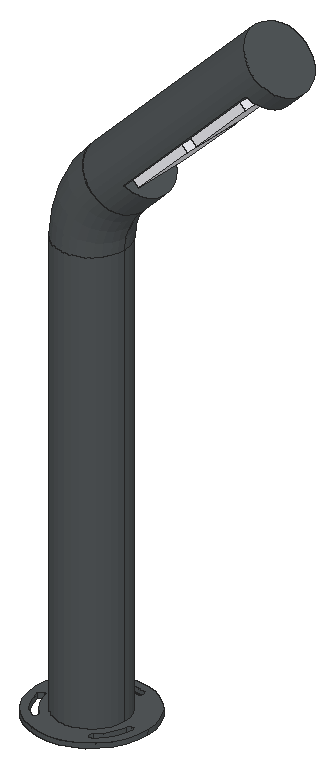
Revit family "Дио_мини", category Осветительные приборы, Revit 2019
Family settings
  Размер круглого соединителя = Использовать диаметр
  Тип детали = Нормальный
  На основе рабочей плоскости = Нет
  Всегда вертикально = Да
  При загрузке вырезать с полостями = Нет
  Источник света = Да
  Общий = Нет
  Точка расчета площади = Нет
Parameters (values of type "ДТУ932 Светодиодный светильник Дио мини ДТУ-93-AF-12Вт-0,9")
  built-in parameter 1150104 = 13.8 (stored number, unit not read)
  Цветоывая температура = size_lookup(Таблица выбора, "С", "", ADSK_Артикул, ADSK_Размер_Высота)  # "2700-5500"
  built-in parameter 1150134 = 3
  Файл фотометрической сетки = "DTU-93-AF Dio mini 12W.ies"
  Угол наклона = 90.00°
  Тип продукции = size_lookup(Таблица выбора, "T", " ", ADSK_Артикул, ADSK_Размер_Высота)  # "LED-светильник"
  Тип ПРА = "-"
  Тип КСС = size_lookup(Таблица выбора, "KSS", " ", ADSK_Артикул, ADSK_Размер_Высота)  # "тип ШБ (широкая боковая)"
  Тип ИС = size_lookup(Таблица выбора, "IS", " ", ADSK_Артикул, ADSK_Размер_Высота)  # "LED-модуль"
  Температура эксплуатации = size_lookup(Таблица выбора, "T1", " ", ADSK_Артикул, ADSK_Размер_Высота)  # "-40 +50"
  Таблица выбора = "Таблица параметров светильников_par2"
  built-in parameter 1150137 = (empty or 0)
  built-in parameter 1150132 = 2
  built-in parameter 1150114 = 1 (stored number, unit not read)
  Dimming Lamp Color Temperature Shift = (empty or 0)
  built-in parameter 1150105 = 474.3 (stored number, unit not read)
  Color Filter = 16777215
  Lumens = 1320 lm
  built-in parameter 1150109 = 1 (stored number, unit not read)
  built-in parameter 1150112 = 1 (stored number, unit not read)
  built-in parameter 1150110 = 1 (stored number, unit not read)
  built-in parameter 1150113 = 1 (stored number, unit not read)
  built-in parameter 1150115 = 1 (stored number, unit not read)
  built-in parameter 1114218 = 1 (stored number, unit not read)
  Понижение = 330 mm  # constant formula
  built-in parameter 1114217 = 1 (stored number, unit not read)
  Apparent Load = 0 VA
  built-in parameter 1150106 = 4.743 (stored number, unit not read)
  Область использования = "Парки, скверы, общественные пространства, городская инфраструктура"  # constant formula
  built-in parameter 1150142 = "IESNA:LM-63-1995\r\n[TEST]\t\talf\r\n[MANUFAC]\tALFRESCO\r\n[LUMCAT]\tDTU-93-AF\r\n[LUMINAIRE]\tDTU-93-AF Dio mini 12W\r\n[LAMP]\t\tSeoul Semiconductor LED \r\n[DATE]\t\tLDT Editor version 1.2.5.0 - DIAL GmbH (www.dial.de) on 13-05-2022\r\n[OTHER]\t\tEULUMDAT file: E:\\АРХИВ IES и 3d\\ландшафтные\\Дио\r\n мини\\8f038917d79e1229fbc3b9e2e49bd1f4\\DTU-93-AF Dio mini 12W.ldt\r\nTILT=NONE\r\n1 1320.0 1.320 361 72 1 2 0.10 0.10 0.00\r\n1.0 1 12.0\r\n0.0 0.5 1.0 1.5 2.0 2.5 3.0 3.5 4.0 4.5 5.0 5.5 6.0 6.5 7.0 7.5 8.0 8.5 9.0 9.5 10.0 10.5 11.0 11.5 12.0 12.5 13.0 13.5 14.0 14.5\r\n 15.0 15.5 16.0 16.5 17.0 17.5 18.0 18.5 19.0 19.5 20.0 20.5 21.0 21.5 22.0 22.5 23.0 23.5 24.0 24.5 25.0 25.5 26.0 26.5 27.0 27.5\r\n 28.0 28.5 29.0 29.5 30.0 30.5 31.0 31.5 32.0 32.5 33.0 33.5 34.0 34.5 35.0 35.5 36.0 36.5 37.0 37.5 38.0 38.5 39.0 39.5 40.0 40.5\r\n 41.0 41.5 42.0 42.5 43.0 43.5 44.0 44.5 45.0 45.5 46.0 46.5 47.0 47.5 48.0 48.5 49.0 49.5 50.0 50.5 51.0 51.5 52.0 52.5 53.0 53.5\r\n 54.0 54.5 55.0 55.5 56.0 56.5 57.0 57.5 58.0 58.5 59.0 59.5 60.0 60.5 61.0 61.5 62.0 62.5 63.0 63.5 64.0 64.5 65.0 65.5 66.0 66.5\r\n 67.0 67.5 68.0 68.5 69.0 69.5 70.0 70.5 71.0 71.5 72.0 72.5 73.0 73.5 74.0 74.5 75.0 75.5 76.0 76.5 77.0 77.5 78.0 78.5 79.0 79.5\r\n 80.0 80.5 81.0 81.5 82.0 82.5 83.0 83.5 84.0 84.5 85.0 85.5 86.0 86.5 87.0 87.5 88.0 88.5 89.0 89.5 90.0 90.5 91.0 91.5 92.0 92.5\r\n 93.0 93.5 94.0 94.5 95.0 95.5 96.0 96.5 97.0 97.5 98.0 98.5 99.0 99.5 100.0 100.5 101.0 101.5 102.0 102.5 103.0 103.5 104.0 104.5\r\n 105.0 105.5 106.0 106.5 107.0 107.5 108.0 108.5 109.0 109.5 110.0 110.5 111.0 111.5 112.0 112.5 113.0 113.5 114.0 114.5 115.0\r\n 115.5 116.0 116.5 117.0 117.5 118.0 118.5 119.0 119.5 120.0 120.5 121.0 121.5 122.0 122.5 123.0 123.5 124.0 124.5 125.0 125.5\r\n 126.0 126.5 127.0 127.5 128.0 128.5 129.0 129.5 130.0 130.5 131.0 131.5 132.0 132.5 133.0 133.5 134.0 134.5 135.0 135.5 136.0\r\n 136.5 137.0 137.5 138.0 138.5 139.0 139.5 140.0 140.5 141.0 141.5 142.0 142.5 143.0 143.5 144.0 144.5 145.0 145.5 146.0 146.5\r\n 147.0 147.5 148.0 148.5 149.0 149.5 150.0 150.5 151.0 151.5 152.0 152.5 153.0 153.5 154.0 154.5 155.0 155.5 156.0 156.5 157.0\r\n 157.5 158.0 158.5 159.0 159.5 160.0 160.5 161.0 161.5 162.0 162.5 163.0 163.5 164.0 164.5 165.0 165.5 166.0 166.5 167.0 167.5\r\n 168.0 168.5 169.0 169.5 170.0 170.5 171.0 171.5 172.0 172.5 173.0 173.5 174.0 174.5 175.0 175.5 176.0 176.5 177.0 177.5 178.0\r\n 178.5 179.0 179.5 180.0\r\n0.0 5.0 10.0 15.0 20.0 25.0 30.0 35.0 40.0 45.0 50.0 55.0 60.0 65.0 70.0 75.0 80.0 85.0 90.0 95.0 100.0 105.0 110.0 115.0 120.0\r\n 125.0 130.0 135.0 140.0 145.0 150.0 155.0 160.0 165.0 170.0 175.0 180.0 185.0 190.0 195.0 200.0 205.0 210.0 215.0 220.0 225.0\r\n 230.0 235.0 240.0 245.0 250.0 255.0 260.0 265.0 270.0 275.0 280.0 285.0 290.0 295.0 300.0 305.0 310.0 315.0 320.0 325.0 330.0\r\n 335.0 340.0 345.0 350.0 355.0 360.0\r\n258.3 258.2 258.0 258.0 258.0 257.9 257.8 257.7 257.5 257.2 257.1 256.8 256.6 256.1 255.9 255.6 255.3 255.0 254.7 254.4 254.2\r\n 254.0 253.7 253.4 253.2 253.0 252.8 252.6 252.4 252.3 252.3 252.2 252.2 252.1 252.0 252.1 252.2 252.3 252.5 252.6 252.8 253.0\r\n 253.4 253.7 254.1 254.5 254.8 255.2 255.6 256.1 256.7 257.2 257.8 258.4 258.9 259.4 260.0 260.6 261.3 261.9 262.6 263.2 263.7\r\n 264.5 265.1 265.9 266.6 267.5 268.2 269.0 269.9 270.5 271.3 272.5 273.6 274.7 276.0 277.0 278.4 279.7 281.0 282.2 283.9 285.6\r\n 287.9 290.4 293.6 296.4 298.3 299.9 301.2 302.6 304.2 305.4 306.6 307.8 309.5 311.4 313.5 315.9 318.3 320.8 323.3 325.8 328.5\r\n 331.1 333.3 335.3 336.9 337.9 338.8 339.3 339.5 339.4 339.2 339.0 338.6 338.3 338.1 338.0 338.0 337.8 337.3 336.5 334.9 333.3\r\n 332.1 331.1 328.9 326.7 323.9 320.0 314.8 309.1 304.2 299.6 295.0 289.7 283.3 275.7 267.6 258.7 250.3 240.8 229.4 216.5 205.4\r\n 197.9 190.6 180.1 166.6 150.7 132.9 115.6 100.1 84.6 69.1 52.8 39.8 30.7 24.2 19.8 16.3 14.1 12.8 12.0 11.1 10.3 9.6 9.0 8.3 7.6\r\n 7.1 6.8 6.6 6.3 5.8 5.4 4.9 4.7 4.5 4.4 4.2 4.0 3.8 3.7 3.4 3.1 3.0 2.9 2.9 2.9 2.9 3.0 3.0 3.0 3.0 3.0 3.0 3.0 3.0 0.0 0.0 0.0\r\n 0.0 0.0 0.0 0.0 0.0 0.0 0.0 0.0 0.0 0.0 0.0 0.0 0.0 0.0 0.0 0.0 0.0 0.0 0.0 0.0 0.0 0.0 0.0 0.0 0.0 0.0 0.0 0.0 0.0 0.0 0.0 0.0\r\n 0.0 0.0 0.0 0.0 0.0 0.0 0.0 0.0 0.0 0.0 0.0 0.0 0.0 0.0 0.0 0.0 0.0 0.0 0.0 0.0 0.0 0.0 0.0 0.0 0.0 0.0 0.0 0.0 0.0 0.0 0.0 0.0\r\n 0.0 0.0 0.0 0.0 0.0 0.0 0.0 0.0 0.0 0.0 0.0 0.0 0.0 0.0 0.0 0.0 0.0 0.0 0.0 0.0 0.0 0.0 0.0 0.0 0.0 0.0 0.0 0.0 0.0 0.0 0.0 0.0\r\n 0.0 0.0 0.0 0.0 0.0 0.0 0.0 0.0 0.0 0.0 0.0 0.0 0.0 0.0 0.0 0.0 0.0 0.0 0.0 0.0 0.0 0.0 0.0 0.0 0.0 0.0 0.0 0.0 0.0 0.0 0.0 0.0\r\n 0.0 0.0 0.0 0.0 0.0 0.0 0.0 0.0 0.0 0.0 0.0 0.0 0.0 0.0 0.0 0.0 0.0 0.0 0.0 0.0 0.0 0.0 0.0 0.0 0.0 0.0 0.0 0.0 0.0\r\n258.3 258.4 258.4 258.6 258.7 258.7 259.0 259.0 259.0 258.9 258.9 258.7 258.7 258.6 258.5 258.4 258.2 258.1 257.9 257.9 257.8\r\n 257.8 257.8 257.6 257.5 257.5 257.5 257.6 257.8 257.8 257.9 257.9 258.1 258.2 258.4 258.6 259.1 259.4 259.7 260.0 260.3 260.8\r\n 261.2 261.8 262.4 263.0 263.5 264.1 264.8 265.5 266.2 267.0 268.0 268.8 269.6 270.5 271.3 272.1 273.0 273.9 274.7 275.7 276.5\r\n 277.3 278.3 279.3 280.3 281.5 282.6 283.9 285.0 286.1 287.4 288.7 290.2 291.8 293.3 294.8 296.2 297.8 299.4 301.2 303.3 305.5\r\n 308.3 311.5 315.2 318.6 321.4 323.7 325.9 328.0 329.9 331.8 333.6 335.6 337.9 340.2 342.7 345.4 348.2 351.1 354.0 356.9 360.0\r\n 363.0 365.4 367.5 369.2 370.3 371.1 371.5 371.7 371.9 372.5 373.1 373.9 374.9 375.7 376.0 375.6 374.8 373.4 371.5 369.4 367.1\r\n 365.5 364.2 362.1 359.3 355.7 350.7 344.4 337.4 331.9 328.0 323.5 317.7 311.2 304.0 295.5 286.3 277.6 267.7 255.1 241.9 230.8\r\n 220.9 209.0 196.1 182.1 165.1 145.9 126.9 109.8 93.6 77.0 61.3 48.0 37.7 29.7 23.6 19.4 16.7 15.0 13.7 12.6 11.6 10.7 10.0 9.1\r\n 8.2 7.5 7.1 6.9 6.7 6.3 5.8 5.3 5.0 4.7 4.5 4.2 3.9 3.7 3.5 3.3 3.1 2.9 2.9 2.9 2.9 2.9 2.9 2.9 2.9 2.9 2.8 2.8 2.8 2.2 0.4 0.0\r\n 0.0 0.0 0.0 0.0 0.0 0.0 0.0 0.0 0.0 0.0 0.0 0.0 0.0 0.0 0.0 0.0 0.0 0.0 0.0 0.0 0.0 0.0 0.0 0.0 0.0 0.0 0.0 0.0 0.0 0.0 0.0 0.0\r\n 0.0 0.0 0.0 0.0 0.0 0.0 0.0 0.0 0.0 0.0 0.0 0.0 0.0 0.0 0.0 0.0 0.0 0.0 0.0 0.0 0.0 0.0 0.0 0.0 0.0 0.0 0.0 0.0 0.0 0.0 0.0 0.0\r\n 0.0 0.0 0.0 0.0 0.0 0.0 0.0 0.0 0.0 0.0 0.0 0.0 0.0 0.0 0.0 0.0 0.0 0.0 0.0 0.0 0.0 0.0 0.0 0.0 0.0 0.0 0.0 0.0 0.0 0.0 0.0 0.0\r\n 0.0 0.0 0.0 0.0 0.0 0.0 0.0 0.0 0.0 0.0 0.0 0.0 0.0 0.0 0.0 0.0 0.0 0.0 0.0 0.0 0.0 0.0 0.0 0.0 0.0 0.0 0.0 0.0 0.0 0.0 0.0 0.0\r\n 0.0 0.0 0.0 0.0 0.0 0.0 0.0 0.0 0.0 0.0 0.0 0.0 0.0 0.0 0.0 0.0 0.0 0.0 0.0 0.0 0.0 0.0 0.0 0.0 0.0 0.0 0.0 0.0 0.0 0.0\r\n258.3 258.7 259.0 259.2 259.5 259.6 260.0 260.2 260.4 260.6 260.7 260.8 261.0 261.1 261.3 261.3 261.4 261.4 261.6 261.8 262.0\r\n 262.2 262.4 262.6 262.8 263.0 263.2 263.4 263.6 264.0 264.5 264.9 265.2 265.6 266.0 266.5 267.0 267.6 268.1 268.6 269.2 269.9\r\n 270.5 271.2 271.9 272.8 273.7 274.6 275.5 276.3 277.3 278.4 279.3 280.3 281.4 282.3 283.3 284.2 285.0 286.0 287.1 288.0 289.0\r\n 289.9 291.0 292.2 293.3 294.7 296.2 297.7 299.0 300.5 302.1 303.8 305.2 307.0 308.8 310.6 312.5 314.7 317.0 319.5 322.4 325.7\r\n 329.2 333.5 338.3 342.4 345.8 348.8 351.6 354.2 356.5 358.6 360.7 362.6 364.8 367.2 370.0 373.0 376.0 379.4 382.5 385.9 389.3\r\n 392.4 395.1 397.4 399.5 401.3 402.8 404.3 405.7 407.3 409.0 410.5 411.6 411.8 411.4 410.0 407.8 405.5 403.0 400.5 398.1 395.4\r\n 392.6 390.1 387.5 384.0 379.5 373.7 367.1 359.8 353.2 347.7 342.2 335.9 328.9 321.2 312.8 303.8 294.0 283.6 270.9 256.7 244.2\r\n 233.1 221.6 208.9 194.1 175.5 155.5 135.2 115.8 98.7 82.4 66.6 53.3 42.5 34.3 28.0 23.4 20.5 18.5 17.0 15.4 14.0 12.8 11.7 10.5\r\n 9.3 8.4 7.8 7.4 7.1 6.6 6.0 5.6 5.1 4.8 4.4 4.0 3.7 3.5 3.5 3.2 3.0 2.8 2.8 2.8 2.8 2.8 2.8 2.8 2.8 2.8 2.8 2.7 2.7 2.3 0.2 0.0\r\n 0.0 0.0 0.0 0.0 0.0 0.0 0.0 0.0 0.0 0.0 0.0 0.0 0.0 0.0 0.0 0.0 0.0 0.0 0.0 0.0 0.0 0.0 0.0 0.0 0.0 0.0 0.0 0.0 0.0 0.0 0.0 0.0\r\n 0.0 0.0 0.0 0.0 0.0 0.0 0.0 0.0 0.0 0.0 0.0 0.0 0.0 0.0 0.0 0.0 0.0 0.0 0.0 0.0 0.0 0.0 0.0 0.0 0.0 0.0 0.0 0.0 0.0 0.0 0.0 0.0\r\n 0.0 0.0 0.0 0.0 0.0 0.0 0.0 0.0 0.0 0.0 0.0 0.0 0.0 0.0 0.0 0.0 0.0 0.0 0.0 0.0 0.0 0.0 0.0 0.0 0.0 0.0 0.0 0.0 0.0 0.0 0.0 0.0\r\n 0.0 0.0 0.0 0.0 0.0 0.0 0.0 0.0 0.0 0.0 0.0 0.0 0.0 0.0 0.0 0.0 0.0 0.0 0.0 0.0 0.0 0.0 0.0 0.0 0.0 0.0 0.0 0.0 0.0 0.0 0.0 0.0\r\n 0.0 0.0 0.0 0.0 0.0 0.0 0.0 0.0 0.0 0.0 0.0 0.0 0.0 0.0 0.0 0.0 0.0 0.0 0.0 0.0 0.0 0.0 0.0 0.0 0.0 0.0 0.0 0.0 0.0 0.0\r\n258.3 259.0 259.4 259.8 260.2 260.6 261.1 261.6 262.1 262.5 262.8 263.2 263.6 264.0 264.4 264.8 265.2 265.6 265.9 266.3 266.7\r\n 267.4 267.8 268.2 268.8 269.3 269.8 270.2 270.9 271.5 272.0 272.9 273.6 274.2 274.9 275.9 276.7 277.4 278.1 279.1 280.0 280.9\r\n 281.8 282.7 283.9 285.0 286.3 287.4 288.6 289.9 291.1 292.5 293.7 295.1 296.1 297.5 298.6 299.6 300.9 302.1 303.4 304.6 306.0\r\n 307.2 308.5 309.8 311.3 312.9 314.6 316.2 318.0 319.8 321.4 323.1 324.9 326.8 329.0 331.5 334.1 336.8 339.7 342.7 346.3 350.2\r\n 354.1 358.6 363.6 368.5 372.6 375.8 378.7 381.2 383.7 386.1 388.6 391.0 393.4 395.9 398.8 402.1 405.5 408.7 412.0 415.6 419.0\r\n 422.0 424.5 426.9 429.4 431.8 434.1 436.0 437.6 438.7 439.1 439.0 437.9 435.9 433.4 430.7 427.5 424.0 420.3 417.0 413.7 409.6\r\n 406.2 402.7 399.2 395.1 390.3 384.5 378.5 371.7 363.7 355.9 348.7 341.7 334.2 326.6 318.8 310.2 300.0 287.9 274.5 259.6 244.3\r\n 230.1 217.4 205.1 192.8 179.6 163.6 145.9 128.5 111.5 95.0 79.5 65.4 53.5 43.2 35.4 29.6 25.8 22.9 20.6 18.5 16.6 15.0 13.5 12.0\r\n 10.7 9.7 8.9 8.3 7.6 7.0 6.4 6.0 5.5 4.9 4.4 4.1 3.7 3.5 3.4 3.1 3.0 2.8 2.8 2.8 2.8 2.8 2.8 2.7 2.7 2.6 2.5 2.5 2.5 2.2 0.3 0.0\r\n 0.0 0.0 0.0 0.0 0.0 0.0 0.0 0.0 0.0 0.0 0.0 0.0 0.0 0.0 0.0 0.0 0.0 0.0 0.0 0.0 0.0 0.0 0.0 0.0 0.0 0.0 0.0 0.0 0.0 0.0 0.0 0.0\r\n 0.0 0.0 0.0 0.0 0.0 0.0 0.0 0.0 0.0 0.0 0.0 0.0 0.0 0.0 0.0 0.0 0.0 0.0 0.0 0.0 0.0 0.0 0.0 0.0 0.0 0.0 0.0 0.0 0.0 0.0 0.0 0.0\r\n 0.0 0.0 0.0 0.0 0.0 0.0 0.0 0.0 0.0 0.0 0.0 0.0 0.0 0.0 0.0 0.0 0.0 0.0 0.0 0.0 0.0 0.0 0.0 0.0 0.0 0.0 0.0 0.0 0.0 0.0 0.0 0.0\r\n 0.0 0.0 0.0 0.0 0.0 0.0 0.0 0.0 0.0 0.0 0.0 0.0 0.0 0.0 0.0 0.0 0.0 0.0 0.0 0.0 0.0 0.0 0.0 0.0 0.0 0.0 0.0 0.0 0.0 0.0 0.0 0.0\r\n 0.0 0.0 0.0 0.0 0.0 0.0 0.0 0.0 0.0 0.0 0.0 0.0 0.0 0.0 0.0 0.0 0.0 0.0 0.0 0.0 0.0 0.0 0.0 0.0 0.0 0.0 0.0 0.0 0.0 0.0\r\n258.3 259.3 259.8 260.3 261.0 261.6 262.4 263.1 263.8 264.5 265.1 265.8 266.4 267.1 267.8 268.5 269.3 270.1 270.8 271.6 272.3\r\n 273.2 274.1 274.8 275.9 276.7 277.5 278.6 279.4 280.4 281.6 282.6 283.8 284.8 285.8 287.0 288.0 289.0 290.3 291.4 292.6 293.8\r\n 295.0 296.2 297.5 298.9 300.3 301.8 303.5 305.1 306.7 308.3 309.8 311.4 312.9 314.4 315.8 317.5 318.7 320.2 321.5 323.2 324.5\r\n 326.1 327.7 329.2 330.9 332.6 334.6 336.4 338.3 340.1 342.0 344.2 346.9 349.5 352.3 355.2 358.3 361.3 364.5 367.5 371.0 374.8\r\n 379.0 383.9 389.1 394.5 398.6 402.0 404.5 406.9 409.1 411.3 413.8 416.2 418.4 420.9 423.5 426.3 429.4 432.4 435.4 438.8 442.4\r\n 446.0 449.3 452.4 455.9 459.5 462.4 463.5 462.7 460.7 457.6 453.6 449.3 444.7 440.2 436.0 432.3 428.2 424.1 419.8 415.4 410.4\r\n 405.4 400.6 396.1 391.4 386.5 381.2 375.5 369.4 362.1 354.1 345.6 337.0 329.1 320.6 312.2 303.9 295.1 285.3 272.8 259.0 244.8\r\n 231.2 217.9 204.9 193.3 181.9 168.2 153.2 136.5 121.2 106.0 91.3 76.7 63.6 52.2 42.7 35.5 30.1 26.3 23.3 20.6 18.4 16.7 15.0 13.5\r\n 12.0 10.8 9.8 8.9 8.1 7.3 6.7 5.9 5.4 4.8 4.3 3.8 3.6 3.4 3.2 3.0 2.8 2.7 2.7 2.7 2.7 2.6 2.6 2.5 2.5 2.4 2.4 2.4 2.3 2.0 0.1 0.0\r\n 0.0 0.0 0.0 0.0 0.0 0.0 0.0 0.0 0.0 0.0 0.0 0.0 0.0 0.0 0.0 0.0 0.0 0.0 0.0 0.0 0.0 0.0 0.0 0.0 0.0 0.0 0.0 0.0 0.0 0.0 0.0 0.0\r\n 0.0 0.0 0.0 0.0 0.0 0.0 0.0 0.0 0.0 0.0 0.0 0.0 0.0 0.0 0.0 0.0 0.0 0.0 0.0 0.0 0.0 0.0 0.0 0.0 0.0 0.0 0.0 0.0 0.0 0.0 0.0 0.0\r\n 0.0 0.0 0.0 0.0 0.0 0.0 0.0 0.0 0.0 0.0 0.0 0.0 0.0 0.0 0.0 0.0 0.0 0.0 0.0 0.0 0.0 0.0 0.0 0.0 0.0 0.0 0.0 0.0 0.0 0.0 0.0 0.0\r\n 0.0 0.0 0.0 0.0 0.0 0.0 0.0 0.0 0.0 0.0 0.0 0.0 0.0 0.0 0.0 0.0 0.0 0.0 0.0 0.0 0.0 0.0 0.0 0.0 0.0 0.0 0.0 0.0 0.0 0.0 0.0 0.0\r\n 0.0 0.0 0.0 0.0 0.0 0.0 0.0 0.0 0.0 0.0 0.0 0.0 0.0 0.0 0.0 0.0 0.0 0.0 0.0 0.0 0.0 0.0 0.0 0.0 0.0 0.0 0.0 0.0 0.0 0.0\r\n258.3 259.6 260.2 261.0 261.8 262.7 263.6 264.6 265.6 266.5 267.5 268.4 269.4 270.5 271.4 272.6 273.7 274.8 276.1 277.2 278.5\r\n 279.7 281.1 282.4 283.8 285.1 286.4 287.7 289.0 290.2 291.5 293.0 294.3 295.8 297.3 298.6 300.0 301.6 303.1 304.6 306.1 307.4\r\n 308.8 310.2 311.5 312.9 314.3 315.9 317.6 319.3 320.9 322.5 324.0 325.8 327.5 329.0 330.6 332.1 333.6 335.1 336.7 338.4 339.7\r\n 341.3 342.8 344.6 346.2 348.2 350.1 352.0 354.2 356.7 359.4 362.2 365.0 367.8 370.5 373.5 376.6 379.8 382.9 386.2 389.8 393.8\r\n 397.9 402.5 407.8 413.0 417.5 420.9 423.4 425.7 428.2 430.8 433.6 436.5 439.1 441.7 444.2 446.8 450.0 453.4 456.5 459.7 463.0\r\n 466.6 470.0 472.6 474.3 474.3 473.0 470.3 467.0 463.8 461.0 457.8 453.9 449.3 444.4 439.1 433.6 428.1 422.9 418.5 414.1 409.2\r\n 403.5 397.4 391.3 384.7 378.3 372.4 367.1 361.5 355.8 348.8 340.8 332.4 322.8 313.0 302.9 292.5 281.6 270.2 259.8 250.6 241.0\r\n 229.6 217.3 203.8 190.6 177.0 163.9 149.8 136.2 122.1 108.8 95.6 83.4 72.4 61.5 51.6 42.9 36.5 31.6 27.8 24.5 21.7 19.4 17.3 15.3\r\n 13.7 12.4 11.1 10.1 9.4 8.6 7.6 6.7 5.8 4.9 4.3 4.0 3.7 3.6 3.3 3.0 2.8 2.6 2.5 2.5 2.5 2.5 2.4 2.3 2.3 2.2 2.2 2.2 2.1 1.9 0.2\r\n 0.0 0.0 0.0 0.0 0.0 0.0 0.0 0.0 0.0 0.0 0.0 0.0 0.0 0.0 0.0 0.0 0.0 0.0 0.0 0.0 0.0 0.0 0.0 0.0 0.0 0.0 0.0 0.0 0.0 0.0 0.0 0.0\r\n 0.0 0.0 0.0 0.0 0.0 0.0 0.0 0.0 0.0 0.0 0.0 0.0 0.0 0.0 0.0 0.0 0.0 0.0 0.0 0.0 0.0 0.0 0.0 0.0 0.0 0.0 0.0 0.0 0.0 0.0 0.0 0.0\r\n 0.0 0.0 0.0 0.0 0.0 0.0 0.0 0.0 0.0 0.0 0.0 0.0 0.0 0.0 0.0 0.0 0.0 0.0 0.0 0.0 0.0 0.0 0.0 0.0 0.0 0.0 0.0 0.0 0.0 0.0 0.0 0.0\r\n 0.0 0.0 0.0 0.0 0.0 0.0 0.0 0.0 0.0 0.0 0.0 0.0 0.0 0.0 0.0 0.0 0.0 0.0 0.0 0.0 0.0 0.0 0.0 0.0 0.0 0.0 0.0 0.0 0.0 0.0 0.0 0.0\r\n 0.0 0.0 0.0 0.0 0.0 0.0 0.0 0.0 0.0 0.0 0.0 0.0 0.0 0.0 0.0 0.0 0.0 0.0 0.0 0.0 0.0 0.0 0.0 0.0 0.0 0.0 0.0 0.0 0.0 0.0 0.0\r\n258.3 259.9 260.6 261.6 262.6 263.8 265.0 266.1 267.6 268.7 270.0 271.3 272.8 274.2 275.7 277.1 278.7 280.3 281.9 283.5 285.2\r\n 287.0 288.6 290.3 292.1 293.8 295.5 297.0 298.6 300.3 301.9 303.7 305.2 306.9 308.5 310.1 311.6 313.2 314.6 316.1 317.7 319.3\r\n 320.7 322.3 323.6 325.1 326.5 328.0 329.6 331.1 332.8 334.4 336.1 337.7 339.4 341.1 342.8 344.3 345.9 347.4 348.9 350.5 352.1\r\n 354.0 356.2 358.4 360.7 362.8 365.1 367.6 370.1 372.7 375.4 378.1 381.0 384.0 387.1 390.4 393.7 396.7 399.5 402.3 405.2 408.3\r\n 411.6 415.4 419.5 424.1 428.3 431.5 434.4 437.0 439.3 441.7 444.2 446.9 449.8 452.5 454.7 456.9 459.3 461.4 463.4 465.7 468.2\r\n 470.5 472.0 472.9 472.9 470.5 467.4 463.7 459.4 454.1 448.5 443.2 439.2 435.6 432.2 428.9 425.6 422.2 417.3 412.1 406.5 400.6\r\n 394.9 388.7 382.6 376.2 369.4 362.4 354.2 346.5 340.2 334.3 327.7 319.3 311.0 301.4 291.6 279.9 267.7 253.7 239.9 226.6 213.5\r\n 201.6 189.9 177.9 165.0 151.9 138.6 125.5 113.1 102.2 91.7 81.3 72.0 63.5 55.7 48.0 41.3 35.9 31.7 28.4 25.7 23.5 21.5 19.4 17.2\r\n 15.0 12.9 11.2 9.8 9.0 8.2 7.1 6.2 5.6 4.9 4.5 4.1 3.8 3.6 3.2 2.9 2.7 2.5 2.5 2.4 2.3 2.3 2.2 2.1 2.0 2.0 2.0 1.9 1.9 1.6 0.2\r\n 0.0 0.0 0.0 0.0 0.0 0.0 0.0 0.0 0.0 0.0 0.0 0.0 0.0 0.0 0.0 0.0 0.0 0.0 0.0 0.0 0.0 0.0 0.0 0.0 0.0 0.0 0.0 0.0 0.0 0.0 0.0 0.0\r\n 0.0 0.0 0.0 0.0 0.0 0.0 0.0 0.0 0.0 0.0 0.0 0.0 0.0 0.0 0.0 0.0 0.0 0.0 0.0 0.0 0.0 0.0 0.0 0.0 0.0 0.0 0.0 0.0 0.0 0.0 0.0 0.0\r\n 0.0 0.0 0.0 0.0 0.0 0.0 0.0 0.0 0.0 0.0 0.0 0.0 0.0 0.0 0.0 0.0 0.0 0.0 0.0 0.0 0.0 0.0 0.0 0.0 0.0 0.0 0.0 0.0 0.0 0.0 0.0 0.0\r\n 0.0 0.0 0.0 0.0 0.0 0.0 0.0 0.0 0.0 0.0 0.0 0.0 0.0 0.0 0.0 0.0 0.0 0.0 0.0 0.0 0.0 0.0 0.0 0.0 0.0 0.0 0.0 0.0 0.0 0.0 0.0 0.0\r\n 0.0 0.0 0.0 0.0 0.0 0.0 0.0 0.0 0.0 0.0 0.0 0.0 0.0 0.0 0.0 0.0 0.0 0.0 0.0 0.0 0.0 0.0 0.0 0.0 0.0 0.0 0.0 0.0 0.0 0.0 0.0\r\n258.3 260.2 261.1 262.3 263.5 264.9 266.4 267.8 269.4 271.0 272.6 274.3 276.0 278.0 279.7 281.8 283.8 285.8 287.8 289.9 292.0\r\n 293.8 295.9 298.0 300.0 302.0 304.0 306.0 307.8 309.5 311.3 313.0 314.7 316.4 318.1 319.9 321.5 323.2 324.8 326.4 328.0 329.5\r\n 331.1 332.6 334.0 335.4 336.9 338.5 339.6 341.0 342.5 344.0 345.5 347.2 348.7 350.3 352.0 353.6 355.4 357.2 359.2 361.3 363.6\r\n 365.9 368.1 370.3 372.3 374.5 377.0 379.5 382.3 385.0 387.8 390.7 393.8 396.8 399.5 402.0 404.1 405.9 407.9 410.1 412.5 414.5\r\n 416.7 419.0 421.4 424.1 4
